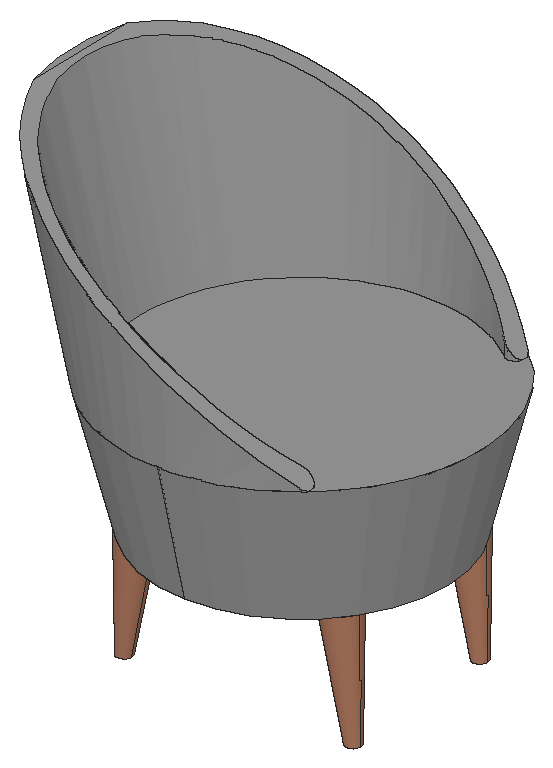
Revit family "Furniture_Chair_LADY 045.11", category Furniture, Revit 2019
Family settings
  OmniClass Number = 23.21.23.15.17
  Work Plane-Based = Yes
  Always vertical = No
  Cut with Voids When Loaded = No
  Shared = No
  Room Calculation Point = No
Parameters (values of type "LADY 045.11")
  Youtube clip = ""
  Uniformat II Description = "Movable Furnishings"
  Uniformat II Code = ""
  Uniclass 2015 Name = ""
  Uniclass 2015 Code = ""
  Uniclass 2.0 Description = ""
  Uniclass 2.0 Code = ""
  Uniclass 1.4 Description = ""
  Uniclass 1.4 Code = ""
  UNSPSC Code = ""
  Technical description = ""
  Shell Material = Leather - Brilliant White
  Frame Material = Wood - Oak Light Stain R 3.102
  Region South America = "All"
  Region Oceania = "All"
  Region North America = "All"
  Region Middle East = "All"
  Region Europe = "All"
  Region Asia = "All"
  Region Antarctica = "All"
  Region Africa = "All"
  QR code = "https://www.sandlerseating.com/product/lady-045-11/"
  Product url = "https://www.sandlerseating.com/product/lady-045-11/"
  Product name = "LADY 045.11"
  Product group = "Chair"
  Product family = "Furniture"
  Product data url = "https://www.sandlerseating.com/product/lady-045-11/"
  Product certification = ""
  Product SKU = "??"
  Product Guid = "??"
  OmniClass Description = ""
  OmniClass Code = "23-21 23 15 17"
  NBS Reference Description = ""
  NBS Reference Code = ""
  Model = "LADY 045.11"
  Masterformat 2014 Description = "Chair Mats"
  Masterformat 2014 Code = "12 48 43.13"
  Manufacturer name = "Sandler"
  Manufacturer country = "USA"
  Manufacturer = "Sandler"
  Installation instructions = ""
  IFC Classification = "Furnishing Element"
  GTIN code = ""
  Edition number = 1
  Design country = "Brasil"
  Description = "Chair"
  Default Elevation = 0.000 mm
  Date of publishing = ""
  COBIe Type Category = ""
  Brand url = "https://www.sandlerseating.com/"
  BIMobject main category code = "furniture"
  BIMobject main category = "Furniture"
  BIMobject category code = "furniture-chair"
  BIMobject category = "Chair"
Reference planes
  plane 1 "Center Front/Back": y = 0
  plane 2: z = 0
  plane 3 "Center Left/Right": x = 0
  plane 4: y = -320
  plane 5: y = 320
Dimensions and locks
  aligned and locked: level to plane 2
Nested families
  nested 1: "TP01 - LADY" at (2.008, 0, 9.528) x (0, 1, 0) z (0, 0, 1), Seat Material <- "Shell Material", type "TP01 - LADY"
    with Seat Material Leather - Brilliant White
  nested 2: "BS02 - LADY" at (1.298, 30, 0), Frame Material <- "Frame Material", type "BS02 - LADY"
    with Frame Material Wood - Oak Light Stain R 3.102
Definition of nested family "TP01 - LADY"
  Parameters (values of type "TP01 - LADY")
    Seat Material [instance] = none
    Frame Material = none
  Reference planes
    plane 1 "Center (Front/Back)": y = 0
    plane 2: z = 0
    plane 3 "Center (Left/Right)": x = 0
  Forms (mm)
    Blend 1, solid, material <- "Seat Material"
      base sketch origin (0, 0, 238.7) x (-1, 0, 0) y (0, -1, 0)
        loop
          line (209.78, 194.456) -> (195.596, 180.272)
          arc (195.596, 180.272) -> (1.352, -348.726) -> (-195.507, 179.305) r 300.435
          line (-195.507, 179.305) -> (-209.686, 193.483)
          arc (-209.686, 193.483) -> (1.351, -368.726) -> (209.78, 194.456) r 320.435
      top sketch origin (0, 0, 238.7) x (-1, 0, 0) y (0, -1, 0)
        loop
          arc (-225.84, 181.028) -> (0.719, -290) -> (227.277, 181.028) r 290
          arc (227.277, 181.028) -> (206.195, 183.383) -> (203.84, 162.301) r 15
          arc (203.84, 162.301) -> (0.719, -260) -> (-202.403, 162.301) r 260
          arc (-202.403, 162.301) -> (-204.758, 183.383) -> (-225.84, 181.028) r 15
      from 501.695 to 156.3
    Extrusion 2, void
      sketch origin (0, 0, 0) x (0, 1, 0) y (0, 0, 1)
        loop
          line (358.139, 741.897) -> (358.139, 756.897) -> (350.753, 764.283) -> (-196.369, 764.283) -> (-196.369, 394.283) -> (-186.369, 394.283)
          arc (-186.369, 394.283) -> (72.32, 589.338) -> (358.139, 741.897) r 2081.951
      from -328.903 to 332.697
    Blend 3, solid, material <- "Seat Material"
      base sketch origin (0, 0, 238.7) x (-1, 0, 0) y (0, -1, 0)
        loop
          circle (0, 0) r 289.999
      top sketch origin (0, 0, 238.7) x (-1, 0, 0) y (0, -1, 0)
        loop
          circle (0, 0) r 235
      from 156.3 to -57.709
  Cuts and joins
    Extrusion 2 cuts Blend 1
  Dimensions and locks
    aligned and locked: level to plane 2
Definition of nested family "BS02 - LADY"
  Parameters (values of type "BS02 - LADY")
    Frame Material [instance] = none
  Reference planes
    plane 1 "Center (Front/Back)": y = 0
    plane 2: z = 0
    plane 3 "Center (Left/Right)": x = 0
  Forms (mm)
    Blend 1, solid, material <- "Frame Material"
      base sketch origin (0, 0, 238.7) x (-1, 0, 0) y (0, -1, 0)
        loop
          circle (163.485, 156.712) r 30
      top sketch origin (0, 0, 238.7) x (-1, 0, 0) y (0, -1, 0)
        loop
          circle (183.522, 156.712) r 12.379
      from -48.181 to -238.7
    Blend 2, solid, material <- "Frame Material"
      base sketch origin (0, 0, 238.7) x (-1, 0, 0) y (0, -1, 0)
        loop
          circle (152.864, -111.394) r 30.214
      top sketch origin (0, 0, 238.7) x (-1, 0, 0) y (0, -1, 0)
        loop
          circle (172.687, -111.394) r 12.379
      from -48.181 to -238.7
    Blend 3, solid, material <- "Frame Material"
      base sketch origin (0, 0, 238.7) x (1, 0, 0) y (0, 1, 0)
        loop
          circle (163.485, -156.712) r 30
      top sketch origin (0, 0, 238.7) x (1, 0, 0) y (0, 1, 0)
        loop
          circle (183.522, -156.712) r 12.379
      from -48.181 to -238.7
    Blend 4, solid, material <- "Frame Material"
      base sketch origin (0, 0, 238.7) x (1, 0, 0) y (0, 1, 0)
        loop
          circle (152.864, 111.394) r 30.214
      top sketch origin (0, 0, 238.7) x (1, 0, 0) y (0, 1, 0)
        loop
          circle (172.687, 111.394) r 12.379
      from -48.181 to -238.7
  Dimensions and locks
    aligned and locked: level to plane 2
